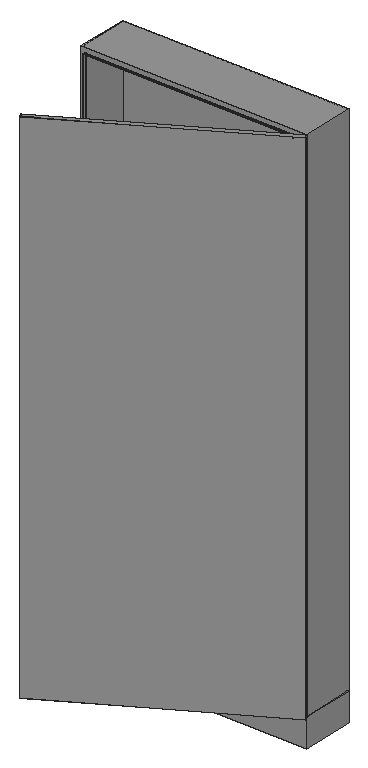
Revit family "Hager-Univers-IP44-D205-H1950-Cl.II-Encl-NoHosted-CH-it", category Electrical Equipment, Revit 2020
Family settings
  Panel Configuration = Two Columns, Circuits Across
  Round Connector Dimension = Use Diameter
  Part Type = Panelboard
  Work Plane-Based = Yes
  Always vertical = Yes
  Cut with Voids When Loaded = No
  Shared = No
  Room Calculation Point = No
Parameters (values of type "montaggio a pavimento IP44 L800 A1950 P205  - FP23SN2")
  Width Control [instance] = if([EF000008 - Larghezza] > Min Width, [EF000008 - Larghezza], Min Width)  # 800 mm
  Type Comments = [HG000003 - Gamma]  # "Univers"
  Thickness Door [instance] = if([EF009171 - spessore materiale porta/coperchio] > 3 mm, 3 mm, [EF009171 - spessore materiale porta/coperchio])  # 1 mm
  Seal Frame Offset [instance] = 17 mm  # constant formula
  Plinth Visibility [instance] = [HG000027 - Altezza dello zoccolo] > 0 mm  # yes
  Min Width [instance] = 100 mm  # constant formula
  Min Depth [instance] = (2 * [EF009170 - spessore materiale scatola]) + 1 mm  # 3 mm
  Min Height [instance] = 100 mm  # constant formula
  Internal Frame Depth [instance] = (Door System Depth * 0.5)  # 9 mm
  Panel Name [instance] = ""  # (empty or 0)
  Model = ""
  HG000027 - Altezza dello zoccolo = 100 mm
  HG000026 - A pavimento = yes
  HG000024 - Altezza della sezione inferiore = 600 mm
  HG000023 - Custodia a doppia sezione = no
  HG000016 - Visibilità delle porte nella vista 3D [instance] = yes
  HG000015 - Visibilità attraverso la porta [instance] = no
  HG000014 - Porta destra [instance] = yes
  HG000013 - Porta sinistra [instance] = not([HG000014 - Porta destra])  # no
  HG000012 - Angolo di apertura della porta [instance] = 30.00°
  HG000010 - Porte asimmetriche = no
  HG000009 - Porta doppia a battente = no
  HG000006 - Ad incasso = no
  HG000004 - Codice produttore = "FP23SN2"
  HG000003 - Gamma = "Univers"
  HG000002 - Con porta = yes
  Frame Offset Bottom [instance] = 10 mm  # constant formula
  Frame Offset [instance] = 15 mm  # constant formula
  EF015940 - Coprire con rilascio di sovrapressione = no
  EF011959 - tipo di protezione (NEMA) = ""
  EF009554 - numero delle aperture per la piastra della flangia = 6
  EF009212 - esecuzione coperchio = "EV000116 - chiuso"
  EF009171 - spessore materiale porta/coperchio = 1 mm
  EF009170 - spessore materiale scatola = 1 mm
  EF008873 - corrente nominale (In) = 400 A
  EF007800 - adatto per parafulmine = no
  EF006306 - con serratura = no
  EF006244 - coperchio/porta trasparente = no
  EF005474 - grado di protezione (IP) = "EV006418 - IP44"
  EF004464 - tipo di porta = "EV002646 - singolo"
  EF004427 - numero di moduli = 432
  EF004293 - resistenza agli urti = "EV006815 - IK09"
  EF003532 - adatto per uso esterno = no
  EF002950 - Numero moduli DIN = 36
  EF001613 - Integrità del circuito = "EV000494 - senza"
  EF001596 - Attacco Lampada = "EV000179 - acciaio"
  EF001131 - profondità interna = 143 mm
  EF001088 - possibilità di applicazione = yes
  EF000437 - numero di ingressi per conduttori = 6
  EF000339 - tipo di copertura = "EV001012 - coperchio"
  EF000266 - numero di file = 12
  EF000218 - profondità di incasso = 0 mm
  EF000118 - con piastra di montaggio = no
  EF000116 - numero RAL = "9010"
  EF000049 - profondità = 205 mm
  EF000040 - Altezza = 1950 mm
  EF000008 - Larghezza = 800 mm
  EF000007 - colore = "EV000202 - bianco"
  EF000003 - Tipo di montaggio = "EV012274 - montaggio a pavimento"
  Door System Leaf Tolerance [instance] = 1.5 mm  # constant formula
  Door System Depth [instance] = 18 mm  # constant formula
  Door Height [instance] = Height Control - [HG000027 - Altezza dello zoccolo]  # 1850 mm
  Description = ""
  Default Elevation = 1219.2 mm
  Connector Offset [instance] = Height Control / 2  # 975 mm
  Manufacturer = "Hager"  # constant formula
  Height Control [instance] = if([EF000040 - Altezza] > Min Height, [EF000040 - Altezza], Min Height)  # 1950 mm
  Depth Control [instance] = if([EF000049 - profondità] > Min Depth, [EF000049 - profondità], Min Depth)  # 205 mm
  Bottom Top Plate Trim [instance] = 1.5 mm  # constant formula
  Plinth height Ctrl [instance] = if([HG000027 - Altezza dello zoccolo] > 0 mm, [HG000027 - Altezza dello zoccolo], 12 mm)  # 100 mm
Types (5, lengths in mm): name | Width Control | HG000010 - Porte asimmetriche | HG000009 - Porta doppia a battente | HG000004 - Codice produttore | EF009554 - numero delle aperture per la piastra della flangia | EF008873 - corrente nominale (In) | EF004464 - tipo di porta | EF004427 - numero di moduli | EF002950 - Numero moduli DIN | EF000437 - numero di ingressi per conduttori | EF000008 - Larghezza
  montaggio a pavimento IP44 L1050 A1950 P205  - FP24SN2 | 1050 | no | yes | "FP24SN2" | 8 | 400 A | "EV003602 - doppio" | 576 | 48 | 8 | 1050
  montaggio a pavimento IP44 L1300 A1950 P205  - FP25SN2 | 1300 | yes | yes | "FP25SN2" | 10 | 400 A | "EV003602 - doppio" | 720 | 60 | 10 | 1300
  montaggio a pavimento IP44 L300 A1950 P205  - FP21SN2 | 300 | no | no | "FP21SN2" | 2 | 250 A | "EV002646 - singolo" | 144 | 12 | 2 | 300
  montaggio a pavimento IP44 L550 A1950 P205  - FP22SN2 | 550 | no | no | "FP22SN2" | 4 | 400 A | "EV002646 - singolo" | 288 | 24 | 4 | 550
  montaggio a pavimento IP44 L800 A1950 P205  - FP23SN2 | 800 | no | no | "FP23SN2" | 6 | 400 A | "EV002646 - singolo" | 432 | 36 | 6 | 800
Reference planes
  plane 1 "Center (Front/Back)": y = 0
  plane 2: z = 0
  plane 3 "Center (Left/Right)": x = 0
  plane 4: y = 0
  plane 5: y = 0
  plane 6: z = 0
  plane 7: x = -400
  plane 8: x = 400
  plane 9: x = 399
  plane 10: x = -399
  plane 11: z = 100
  plane 12: z = 101
  plane 13: y = -205
  plane 14: y = -1
  plane 15: x = 0
  plane 16: y = -187
  plane 17: y = -204
  plane 18: y = -186
  plane 19: x = -384
  plane 20: x = 384
  plane 21: z = 111
  plane 22: x = -383
  plane 23: x = 383
  plane 24: z = 100
  plane 25: z = 1950
  plane 26: z = 1950
  plane 27: z = 1934
  plane 28: z = 1949
Forms (mm)
  Extrusion 1, solid, material "Hager_Steel_RAL7035_Light_Grey", detail levels medium+fine
    sketch origin (-208.679, -4572, 100) x (-1, 0, 0) y (0, -1, 0)
      loop
        line (191.321, -4385) -> (-608.679, -4385) -> (-608.679, -4572) -> (191.321, -4572) -> (191.321, -4385)
    from 0 to 1850
  Extrusion 2, void
    sketch origin (-350.771, -205, 1219.2) x (1, 0, 0) y (0, 0, 1)
      loop
        line (-48.229, 729.8) -> (-48.229, -1118.2) -> (749.771, -1118.2) -> (749.771, 729.8) -> (-48.229, 729.8)
    from -19 to -204
  Extrusion 3, void
    sketch origin (-290.084, -187, 1219.2) x (1, 0, 0) y (0, 0, 1)
      loop
        line (-93.916, -1108.2) -> (674.084, -1108.2) -> (674.084, 714.8) -> (-93.916, 714.8) -> (-93.916, -1108.2)
    from 0 to -1
  Extrusion 4, solid, material "Hager_Steel_RAL7035_Light_Grey", visible <- "Plinth Visibility", detail levels medium+fine
    sketch origin (0, 0, 0) x (1, 0, 0) y (0, 1, 0)
      loop
        line (-400, 0) -> (-400, -187) -> (400, -187) -> (400, 0) -> (-400, 0)
    from 0 to 100 <- "Plinth height Ctrl"
  Extrusion 5, solid, material "Hager_Steel_RAL7035_Light_Grey", detail levels coarse
    sketch origin (0, 0, 0) x (1, 0, 0) y (0, 1, 0)
      loop
        line (-400, 0) -> (-400, -205) -> (400, -205) -> (400, 0) -> (-400, 0)
    from 0 to 1950 <- "Height Control"
  Sweep 6, void
    path in 3D
      loop
        line (-400, -187, 100) -> (400, -187, 100) -> (400, 0, 100) -> (-400, 0, 100) -> (-400, -187, 100)
    profile origin (-400, -93.5, 100) x (1, 0, 0) y (0, 0, 1)
      loop
        line (0, 0) -> (0, -1.5) -> (1.5, -1.5)
        arc (1.5, -1.5) -> (1.061, -0.439) -> (0, 0) r 1.5
  Extrusion 7, solid, material "Hager_Steel_RAL7035_Light_Grey", detail levels fine
    sketch origin (-400, -187, 100) x (1, 0, 0) y (0, 0, 1)
      loop
        line (16, 11) -> (784, 11) -> (784, 1834) -> (16, 1834) -> (16, 11)
      loop
        line (15, 10) -> (785, 10) -> (785, 1835) -> (15, 1835) -> (15, 10)
    from 0 to 9 <- "Internal Frame Depth"
Cuts and joins
  Extrusion 2, Extrusion 3 cuts Extrusion 1
  Sweep 6 cuts Extrusion 4
Lines and regions (mm)
  Masking region 1
    outline origin (0, 0, 0) x (1, 0, 0) y (0, 1, 0)
      loop
        line (-400, 0) -> (-400, -205) -> (400, -205) -> (400, 0) -> (-400, 0)
  Masking region 2, detail levels coarse
    outline origin (-290.084, -187, 1219.2) x (-1, 0, 0) y (0, 0, 1)
      loop
        line (-690.084, -1219.2) -> (109.916, -1219.2) -> (109.916, 730.8) -> (-690.084, 730.8) -> (-690.084, -1219.2)
  Masking region 3, detail levels coarse
    outline origin (0, 0, 0) x (0, 1, 0) y (0, 0, 1)
      loop
        line (0, 0) -> (0, 1950) -> (-205, 1950) -> (-205, 0) -> (0, 0)
  Masking region 4, visible <- "Plinth Visibility", detail levels medium+fine
    outline origin (0, 0, 0) x (0, 1, 0) y (0, 0, 1)
      loop
        line (-1.5, 100) -> (-185.5, 100)
        arc (-185.5, 100) -> (-185.939, 98.939) -> (-187, 98.5) r 1.5
        line (-187, 98.5) -> (-187, 0) -> (0, 0) -> (0, 98.5)
        arc (0, 98.5) -> (-1.061, 98.939) -> (-1.5, 100) r 1.5
  Masking region 5, detail levels medium+fine
    outline origin (0, 0, 594.038) x (0, 1, 0) y (0, 0, 1)
      loop
        line (0, -494.038) -> (0, 1355.962) -> (-187, 1355.962) -> (-187, -494.038) -> (0, -494.038)
  Masking region 6, detail levels medium+fine
    outline origin (-359.7, -187, 1211.883) x (-1, 0, 0) y (0, 0, 1)
      loop
        line (-759.7, -1111.883) -> (40.3, -1111.883) -> (40.3, 738.117) -> (-759.7, 738.117) -> (-759.7, -1111.883)
  Masking region 7, visible <- "Plinth Visibility", detail levels medium+fine
    outline origin (-320.334, -187, 1041.368) x (-1, 0, 0) y (0, 0, 1)
      loop
        line (-720.334, -1041.368) -> (79.666, -1041.368) -> (79.666, -942.868)
        arc (79.666, -942.868) -> (78.606, -942.429) -> (78.166, -941.368) r 1.5
        line (78.166, -941.368) -> (-718.834, -941.368)
        arc (-718.834, -941.368) -> (-719.273, -942.429) -> (-720.334, -942.868) r 1.5
        line (-720.334, -942.868) -> (-720.334, -1041.368)
  sketch lines
    curve 1: line (-400, 0, 100) -> (-400, -187, 100)
    curve 2: line (-400, -187, 100) -> (400, -187, 100)
    curve 3: line (400, 0, 100) -> (-400, 0, 100)
    curve 4: line (400, -187, 100) -> (400, 0, 100)
Dimensions and locks
  locked: plane 1 "Center (Front/Back)" to plane 5
  "EF009170 - spessore materiale scatola": plane 7 to plane 10
  "EF009170 - spessore materiale scatola": plane 8 to plane 9
  equal spacing: plane 7, plane 3 "Center (Left/Right)", plane 8
  "Width Control": plane 7 to plane 8
  "Depth Control": plane 4 to plane 13
  "EF009170 - spessore materiale scatola": plane 4 to plane 14
  "Height Control": plane 25 to level
  "HG000027 - Altezza dello zoccolo": plane 11 to level
  "EF009170 - spessore materiale scatola": plane 12 to plane 11
  "EF009170 - spessore materiale scatola": plane 17 to plane 13
  "EF009170 - spessore materiale scatola": plane 18 to plane 16
  "Frame Offset Bottom": plane 21 to plane 12
  "Frame Offset": plane 10 to plane 19
  "Frame Offset": plane 9 to plane 20
  "Door System Depth": plane 16 to plane 13
  "Seal Frame Offset": plane 7 to plane 22
  "Seal Frame Offset": plane 8 to plane 23
  "EF009170 - spessore materiale scatola": plane 26 to plane 28
  "Frame Offset": plane 28 to plane 27
  "Connector Offset": plane 2 to connector elem
  "Bottom Top Plate Trim": profile plane to Sweep 6 sketch curve
  "Bottom Top Plate Trim": Sweep 6 sketch curve to Sweep 6 sketch curve
  "Plinth height Ctrl": Masking region 4 sketch curve to level
  "Plinth height Ctrl": Masking region 7 sketch curve to level
  "Thickness Door": Extrusion 7 sketch curve to Extrusion 7 sketch curve  (x4)
  "Bottom Top Plate Trim": radius of Sweep 6 sketch curve
  "Bottom Top Plate Trim": radius of Masking region 4 sketch curve  (x2)
  "Bottom Top Plate Trim": radius of Masking region 7 sketch curve  (x2)
  aligned and locked: Extrusion 2 sketch curve to plane 12
  aligned and locked: Extrusion 2 sketch curve to plane 9
  aligned and locked: Extrusion 2 sketch curve to plane 10
  aligned and locked: Extrusion 2 to plane 14
  aligned and locked: Extrusion 1 sketch curve to plane 4
  aligned and locked: plane 8 to Extrusion 1 sketch curve
  aligned and locked: plane 7 to Extrusion 1 sketch curve
  aligned and locked: Extrusion 2 to plane 18
  aligned and locked: Extrusion 3 sketch curve to plane 19
  aligned and locked: plane 20 to Extrusion 3 sketch curve
  aligned and locked: Extrusion 3 to Extrusion 2
  aligned and locked: Extrusion 3 sketch curve to plane 21
  aligned and locked: plane 3 "Center (Left/Right)" to nested 1
  aligned and locked: Extrusion 1 sketch curve to plane 16
  aligned and locked: Extrusion 4 sketch curve to cut or joined group of Extrusion 1, Extrusion 2, Extrusion 3
  aligned and locked: Masking region 1 sketch curve to plane 7
  aligned and locked: Masking region 1 sketch curve to plane 5
  aligned and locked: Masking region 1 sketch curve to plane 8
  aligned and locked: Masking region 2 sketch curve to level
  aligned and locked: level to Masking region 3 sketch curve
  aligned and locked: plane 1 "Center (Front/Back)" to Masking region 3 sketch curve
  aligned and locked: plane 13 to Masking region 3 sketch curve
  aligned and locked: plane 5 to Masking region 4 sketch curve
  aligned and locked: Masking region 2 sketch curve to plane 8
  aligned and locked: Masking region 2 sketch curve to plane 7
  aligned and locked: plane 7 to nested 2
  aligned and locked: nested 2 to plane 5
  aligned and locked: plane 5 to Masking region 5 sketch curve
  aligned and locked: plane 26 to Masking region 5 sketch curve
  aligned and locked: Extrusion 5 sketch curve to plane 8
  aligned and locked: Extrusion 5 sketch curve to plane 7
  aligned and locked: Extrusion 5 sketch curve to plane 5
  aligned and locked: Extrusion 3 sketch curve to plane 27
  aligned and locked: Extrusion 2 sketch curve to plane 28
  aligned and locked: Masking region 2 to plane 25
  aligned and locked: Extrusion 4 to plane 16
  aligned and locked: profile plane to Sweep 6 sketch curve
  aligned and locked: Masking region 5 sketch curve to plane 24
  aligned and locked: level to Masking region 4 sketch curve
  aligned and locked: Masking region 1 to plane 13
  aligned and locked: nested 1 to plane 16
  aligned and locked: Masking region 3 to plane 25
  aligned and locked: plane 16 to Masking region 4 sketch curve
  aligned and locked: Masking region 5 sketch curve to plane 16
  aligned and locked: plane 24 to plane 11
  aligned and locked: plane 26 to plane 25
  aligned and locked: plane 26 to cut or joined group of Extrusion 1, Extrusion 2, Extrusion 3
  aligned and locked: nested 1 to plane 24
  aligned and locked: Extrusion 1 to Extrusion 3
  aligned and locked: Masking region 6 sketch curve to plane 8
  aligned and locked: Masking region 6 sketch curve to plane 24
  aligned and locked: Masking region 6 sketch curve to plane 7
  aligned and locked: Masking region 6 sketch curve to plane 26
  aligned and locked: Masking region 7 sketch curve to plane 7
  aligned and locked: level to Masking region 7 sketch curve
  aligned and locked: Masking region 7 sketch curve to plane 8
  aligned and locked: Extrusion 7 sketch curve to cut or joined group of Extrusion 1, Extrusion 2, Extrusion 3  (x4)
Automatic sketch dimensions
  plane 19 to Extrusion 3 sketch curve = 0 mm
  Extrusion 3 sketch curve to plane 20 = 0 mm
  Extrusion 3 sketch curve to plane 21 = 0 mm
  Extrusion 4 sketch curve to plane 7 = 0 mm
  Extrusion 4 sketch curve to plane 8 = 0 mm
  Extrusion 4 sketch curve to plane 16 = 0 mm
  Masking region 1 sketch curve to plane 13 = 0 mm
  Masking region 2 sketch curve to plane 25 = 0 mm
  Masking region 3 sketch curve to plane 25 = 0 mm
  Extrusion 5 sketch curve to plane 13 = 0 mm
  profile plane to Sweep 6 sketch curve = 0 mm
Nested families
  nested 1: "EC000058_Univers_Door" at (0, -187, 100), Double <- "HG000009 - Porta doppia a battente", Transparent <- "EF006244 - coperchio/porta trasparente", Angle <- "HG000012 - Angolo di apertura della porta", Door_Right <- "HG000014 - Porta destra", Assymetrical <- "HG000010 - Porte asimmetriche", Door <- "HG000002 - Con porta", Width_Ctrl <- "Width Control", 3d_Door <- "HG000016 - Visibilità delle porte nella vista 3D", Clearance <- "HG000015 - Visibilità attraverso la porta", Door_Left <- "HG000013 - Porta sinistra", Width <- "Width Control", Door_Depth <- "Door System Depth", Leaf_Tolerance <- "Door System Leaf Tolerance", Height <- "Door Height", Lock_Visibility <- "EF006306 - con serratura", Thickness <- "Thickness Door", type "EC000058_Univers_Door", detail levels medium+fine
    with min_wh 3 mm, Width_Ctrl 800 mm, Width 800 mm, Transparent no, Thickness 1 mm, Seal_Material Hager_Rubber, Lock_Visibility no, Lock_Material Hager_Plastic_RAL9005_Jet_Black, Leaf_Width 800 mm, Leaf_Tolerance_External_Sides 0 mm, Leaf_Tolerance 1.5 mm, Leaf_Offset 0 mm, Leaf_Height 1847 mm, Leaf_2_Width 800 mm, Leaf_2_Offset 400 mm, Leaf_1_Width 800 mm, Leaf_1_Offset 400 mm, Height_Ctrl 1850 mm, Height 1850 mm, Glass_Material Hager_Glass, Double_Clearance_Ctrl no, Double no, Door_Right_Ctrl yes, Door_Right yes, Door_Material Hager_Steel_RAL7035_Light_Grey, Door_Left_Ctrl no, Door_Left no, Door_Depth 18 mm, Door yes, Clearance_Material Hager_Clearance, Clearance_Depth 800 mm, Clearance_Ctrl no, Clearance no, Assymetrical no, Angle 30.00°, 3d_Door yes
  nested 2: "Hager_Enclosure_Symbol" at (-400, 0, 0), Height <- "Depth Control", Width <- "Width Control", type "Hager_Enclosure_Symbol"
    with Width_Ctrl 800 mm, Width 800 mm, Height_Ctrl 205 mm, Height 205 mm, A_Width_Int 13.453 mm, A_Width 161.438 mm, A_Height_Ctrl 179.375 mm, A_Height 179.375 mm
Connectors
  electrical at (0, 0, 975)
    settings: on plane 1 "Center (Front/Back)", index 1, voltage 0 V, apparent load 0 VA, apparent load phase1 0 VA, apparent load phase2 0 VA, apparent load phase3 0 VA, power factor 1, load classification "Other", number of poles 1, system type 30, power factor state 1, is connector primary yes, connector utility no, sub classification motor no, connector description ""
Definition of nested family "EC000058_Univers_Door"
  Parameters (values of type "EC000058_Univers_Door")
    min_wh [instance] = (2 * Thickness) + 1 mm  # 11 mm
    Width_Ctrl [instance] = 400 mm
    Width [instance] = 500 mm
    Transparent [instance] = yes
    Thickness [instance] = 5 mm
    Seal_Material [instance] = none
    Lock_Visibility [instance] = yes
    Lock_Material [instance] = none
    Leaf_Width [instance] = if((Width_Ctrl - 2 * Leaf_Tolerance_External_Sides) > 0 mm, (Width_Ctrl - 2 * Leaf_Tolerance_External_Sides), min_wh)  # 400 mm
    Leaf_Tolerance_External_Sides [instance] = 0 mm  # constant formula
    Leaf_Tolerance [instance] = 1.5 mm
    Leaf_Offset [instance] = 0 mm  # constant formula
    Leaf_Height [instance] = if((Height_Ctrl - 2 * Leaf_Tolerance) > 0 mm, (Height_Ctrl - 2 * Leaf_Tolerance), min_wh)  # 497 mm
    Leaf_2_Width [instance] = if(and(and(Double, Assymetrical), Door_Left), (Leaf_Width / 3) - (Leaf_Tolerance / 2), if(and(and(Double, Assymetrical), Door_Right), (Leaf_Width / 3) * 2 - (Leaf_Tolerance / 2), if(and(Double, not(Assymetrical)), (Leaf_Width / 2) - Leaf_Tolerance, Leaf_Width)))  # 400 mm
    Leaf_2_Offset [instance] = if(and(Double, Assymetrical), Leaf_2_Width / 2, if(and(Double, not(Assymetrical)), Leaf_Width / 4, Leaf_Width / 2))  # 200 mm
    Leaf_1_Width [instance] = if(and(and(Double, Assymetrical), Door_Right), (Leaf_Width / 3) - (Leaf_Tolerance / 2), if(and(and(Double, Assymetrical), Door_Left), (Width / 3) * 2 - (Leaf_Tolerance / 2), if(and(Double, not(Assymetrical)), (Leaf_Width / 2) - Leaf_Tolerance, Leaf_Width)))  # 400 mm
    Leaf_1_Offset [instance] = if(and(Double, Assymetrical), Leaf_1_Width / 2, if(and(Double, not(Assymetrical)), Leaf_Width / 4, Leaf_Width / 2))  # 200 mm
    Height_Ctrl [instance] = if(Height > min_wh, Height, min_wh)  # 500 mm
    Height [instance] = 500 mm
    Glass_Material [instance] = none
    Double_Clearance_Ctrl [instance] = and(Double, Clearance)  # no
    Double [instance] = no
    Door_Right_Ctrl [instance] = and(or(Door_Right, Double), Door)  # yes
    Door_Right [instance] = yes
    Door_Material [instance] = none
    Door_Left_Ctrl [instance] = and(or(Door_Left, Double), Door)  # no
    Door_Left [instance] = no
    Door_Depth [instance] = 30 mm
    Door [instance] = yes
    Default Elevation = 1219.2 mm
    Clearance_Material [instance] = none
    Clearance_Depth [instance] = if(Leaf_1_Width > Leaf_2_Width, Leaf_1_Width, Leaf_2_Width)  # 400 mm
    Clearance_Ctrl [instance] = and(not(Double), Clearance)  # yes
    Clearance [instance] = yes
    Assymetrical [instance] = yes
    Angle [instance] = 30.00°
    3d_Door [instance] = yes
  Reference planes
    plane 1 "Center (Front/Back)": y = 0
    plane 2 "Bottom": z = 0
    plane 3 "Center (Left/Right)": x = 0
    plane 4: z = 500
    plane 5: x = -200
    plane 6: x = 200
    plane 7: z = 500
    plane 8: x = -200
    plane 9: z = 0
    plane 10: x = 200
    plane 11: y = 0
    plane 12: z = 1.5
    plane 13: x = -600
    plane 14: y = -400
    plane 15: x = 600
    plane 16: x = 0
    plane 17: x = 0
    plane 18: x = -200
    plane 19: x = 200
    plane 20: z = 498.5
  Forms (mm)
    Extrusion 1, solid, material <- "Clearance_Material", visible <- "Double_Clearance_Ctrl"
      sketch origin (1200, 0, 0) x (1, 0, 0) y (0, 0, -1)
        loop
          line (-1800, -498.5) -> (-600, -498.5) -> (-600, 0) -> (-1800, 0) -> (-1800, -498.5)
      from 0 to -400
  Dimensions and locks
    equal spacing: plane 5, plane 3 "Center (Left/Right)", plane 6
    "Width_Ctrl": plane 5 to plane 6
    "Leaf_Offset": plane 5 to plane 8
    "Leaf_Offset": plane 6 to plane 10
    "Leaf_Offset": plane 9 to level
    "Leaf_Offset": plane 4 to plane 7
    "Height_Ctrl": plane 4 to level
    "Leaf_Tolerance": plane 12 to plane 9
    locked: plane 11 to plane 1 "Center (Front/Back)"
    "Leaf_1_Offset": plane 18 to plane 16
    "Leaf_2_Offset": plane 17 to plane 19
    "Leaf_1_Width": plane 13 to plane 8
    "Leaf_2_Width": plane 10 to plane 15
    "Clearance_Depth": plane 14 to plane 1 "Center (Front/Back)"
    "Leaf_Tolerance_External_Sides": plane 8 to plane 18
    "Leaf_Tolerance_External_Sides": plane 19 to plane 10
    "Leaf_Tolerance": plane 7 to plane 20
    aligned and locked: level to plane 2 "Bottom"
    aligned and locked: nested 1 to plane 16
    aligned and locked: nested 2 to plane 17
    aligned and locked: Extrusion 1 to plane 13
    aligned and locked: plane 15 to Extrusion 1
    aligned and locked: Extrusion 1 to plane 14
    aligned and locked: plane 12 to nested 1
    aligned and locked: nested 2 to plane 12
    aligned and locked: Extrusion 1 to plane 11
    aligned and locked: plane 20 to Extrusion 1
    aligned and locked: nested 2 to plane 11
    aligned and locked: nested 1 to plane 11
  Automatic sketch dimensions
    Extrusion 1 sketch curve to level = 0 mm
    plane 5 to Extrusion 1 sketch curve = 400 mm
    plane 6 to Extrusion 1 sketch curve = 400 mm
    Extrusion 1 sketch curve to plane 4 = 1.5 mm
  Nested families
    nested 1: "EC000058_Univers_Door_Leaf" at (0, 0, 1.5), Width <- "Leaf_1_Width", visible <- "Door_Left_Ctrl", Leaf_Height <- "Leaf_Height", Angle <- "Angle", 3d_Door <- "3d_Door", Transparent <- "Transparent", Clearance Material <- "Clearance_Material", Clearance <- "Clearance_Ctrl", Door_Material <- "Door_Material", Glass_Material <- "Glass_Material", Door_Depth <- "Door_Depth", Lock_Material <- "Lock_Material", Seal_Material <- "Seal_Material", Lock_Visibility <- "Lock_Visibility", Thickness <- "Thickness", type "EC000058_Univers_Door_Leaf"
      with Width 400 mm, Transparent_Glass_Offset 30 mm, Transparent_Ctrl yes, Transparent yes, Thickness 5 mm, Standard no, Seal_Material none, Seal_D2 8 mm, Seal_D1 1 mm, Offset_Internal_Frame 10 mm, Lock_Width 20 mm, Lock_Visibility_3d yes, Lock_Visibility yes, Lock_Thickness_3 3 mm, Lock_Thickness_2 1 mm, Lock_Thickness_1 3 mm, Lock_Radius_Offset_2 16 mm, Lock_Radius_Offset_1 15 mm, Lock_Radius_2 5 mm, Lock_Radius 6 mm, Lock_Offset 5 mm, Lock_Material none, Lock_Height 80 mm, Lock_Cover_Top_Offset_2d 17 mm, Lock_Cover_Height -65 mm, Leaf_Height 497 mm, Internal_Seal_Thickness 8 mm, Internal_Seal_Depth_2 4.5 mm, Internal_Frame_Depth 25 mm, Glass_Thickness -1 mm, Glass_Offset -2 mm, Glass_Material none, Door_Material none, Door_Depth 30 mm, Clearance Material none, Clearance yes, Angle_Ctrl 30.00°, Angle 30.00°, 3d_Door yes
    nested 2: "EC000058_Univers_Door_Leaf" at (0, 0, 1.5) x (-1, 0, 0) z (0, 0, 1), Width <- "Leaf_2_Width", visible <- "Door_Right_Ctrl", Leaf_Height <- "Leaf_Height", Angle <- "Angle", 3d_Door <- "3d_Door", Transparent <- "Transparent", Clearance Material <- "Clearance_Material", Clearance <- "Clearance_Ctrl", Door_Material <- "Door_Material", Glass_Material <- "Glass_Material", Door_Depth <- "Door_Depth", Lock_Material <- "Lock_Material", Seal_Material <- "Seal_Material", Lock_Visibility <- "Lock_Visibility", Thickness <- "Thickness", type "EC000058_Univers_Door_Leaf"
      with Width 400 mm, Transparent_Glass_Offset 30 mm, Transparent_Ctrl yes, Transparent yes, Thickness 5 mm, Standard no, Seal_Material none, Seal_D2 8 mm, Seal_D1 1 mm, Offset_Internal_Frame 10 mm, Lock_Width 20 mm, Lock_Visibility_3d yes, Lock_Visibility yes, Lock_Thickness_3 3 mm, Lock_Thickness_2 1 mm, Lock_Thickness_1 3 mm, Lock_Radius_Offset_2 16 mm, Lock_Radius_Offset_1 15 mm, Lock_Radius_2 5 mm, Lock_Radius 6 mm, Lock_Offset 5 mm, Lock_Material none, Lock_Height 80 mm, Lock_Cover_Top_Offset_2d 17 mm, Lock_Cover_Height -65 mm, Leaf_Height 497 mm, Internal_Seal_Thickness 8 mm, Internal_Seal_Depth_2 4.5 mm, Internal_Frame_Depth 25 mm, Glass_Thickness -1 mm, Glass_Offset -2 mm, Glass_Material none, Door_Material none, Door_Depth 30 mm, Clearance Material none, Clearance yes, Angle_Ctrl 30.00°, Angle 30.00°, 3d_Door yes
  Definition of nested family "EC000058_Univers_Door_Leaf"
    Parameters (values of type "EC000058_Univers_Door_Leaf")
      Width [instance] = 2000 mm
      Transparent_Glass_Offset [instance] = 30 mm
      Transparent_Ctrl [instance] = and(Transparent, [3d_Door])  # yes
      Transparent [instance] = yes
      Thickness [instance] = 5 mm
      Standard [instance] = and(not(Transparent), [3d_Door])  # no
      Seal_Material [instance] = none
      Seal_D2 [instance] = 8 mm  # constant formula
      Seal_D1 [instance] = 1 mm  # constant formula
      Offset_Internal_Frame [instance] = 10 mm  # constant formula
      Lock_Width [instance] = 20 mm  # constant formula
      Lock_Visibility_3d [instance] = and(Lock_Visibility, [3d_Door])  # yes
      Lock_Visibility [instance] = yes
      Lock_Thickness_3 [instance] = 3 mm  # constant formula
      Lock_Thickness_2 [instance] = 1 mm  # constant formula
      Lock_Thickness_1 [instance] = 3 mm  # constant formula
      Lock_Radius_Offset_2 [instance] = Lock_Radius_Offset_1 + 1 mm  # 16 mm
      Lock_Radius_Offset_1 [instance] = 15 mm  # constant formula
      Lock_Radius_2 [instance] = Lock_Radius - 1 mm  # 5 mm
      Lock_Radius [instance] = 6 mm  # constant formula
      Lock_Offset [instance] = 5 mm  # constant formula
      Lock_Material [instance] = none
      Lock_Height [instance] = 80 mm  # constant formula
      Lock_Cover_Top_Offset_2d [instance] = Lock_Radius_Offset_2 + 1 mm  # 17 mm
      Lock_Cover_Height [instance] = -(Lock_Height - Lock_Radius_Offset_1)  # -65 mm
      Leaf_Height [instance] = 2720.336 mm
      Internal_Seal_Thickness [instance] = 8 mm  # constant formula
      Internal_Seal_Depth_2 [instance] = 4.5 mm  # constant formula
      Internal_Frame_Depth [instance] = if(Door_Depth - Thickness > 5 mm, Door_Depth - Thickness, 5 mm)  # 25 mm
      Glass_Thickness [instance] = if(Thickness > 15 mm, Glass_Offset + 10 mm, -1 mm)  # -1 mm
      Glass_Offset [instance] = if(Thickness > 15 mm, -(Thickness + 10 mm) / 2, -2 mm)  # -2 mm
      Glass_Material [instance] = none
      Door_Material [instance] = none
      Door_Depth [instance] = 30 mm
      Default Elevation = 0 mm
      Clearance Material [instance] = none
      Clearance [instance] = yes
      Angle_Ctrl [instance] = if(Angle > 180.00°, 180.00°, Angle)  # 90.00°
      Angle [instance] = 90.00°
      3d_Door [instance] = yes
    Reference planes
      plane 1 "Center (Front/Back)": y = 0
      plane 2: z = 0
      plane 3 "Center (Left/Right)": x = 0
      plane 4: y = 2000
      plane 5: x = -1000
      plane 6: x = 1000
      plane 7: x = -3000
      plane 8: z = 2720.336
      plane 9: z = 30
      plane 10: z = 2690.336
      plane 11: x = 970
      plane 12: x = -970
      plane 13: y = -3
      plane 14: z = 107.833
      plane 15: y = -5
      plane 16: y = -223.314
      plane 17: x = -1000
      plane 18: z = 1360.168
      plane 19: y = 30
    Forms (mm)
      Extrusion 1, solid, material <- "Clearance Material", visible <- "Clearance"
        sketch origin (0, 0, 0) x (1, 0, 0) y (0, 0, 1)
          loop
            line (-3000, 2720.336) -> (-3000, 0) -> (1000, 0) -> (1000, 2720.336) -> (-3000, 2720.336)
        from 0 to -2000
      Extrusion 2, solid, material <- "Door_Material", visible <- "Standard", detail levels medium+fine
        sketch origin (-1000, 0, 0) x (0, 1, 0) y (-1, 0, 0)
          loop
            line (0, 30) -> (0, 25) -> (2000, 25) -> (2000, 30) -> (0, 30)
        from 0 to 2720.336 <- "Leaf_Height"
      Extrusion 3, solid, material <- "Door_Material", visible <- "Transparent_Ctrl", detail levels medium+fine
        sketch origin (-1000, 0, 0) x (0, 1, 0) y (-1, 0, 0)
          loop
            line (0, 25) -> (2000, 25) -> (2000, 30) -> (0, 30) -> (0, 25)
        from 0 to 2720.336 <- "Leaf_Height"
      Extrusion 4, void
        sketch origin (-1025, 2000, 0) x (0, 1, 0) y (0, 0, -1)
          loop
            line (-30, -2690.336) -> (-30, -30) -> (-1970, -30) -> (-1970, -2690.336) -> (-30, -2690.336)
        from 0 to 5 <- "Thickness"
      Sweep 5, solid, material <- "Seal_Material", visible <- "Transparent_Ctrl", detail levels fine
        path in 3D
          loop
            line (-1025, 30, 30) -> (-1025, 30, 2690.336) -> (-1025, 1970, 2690.336) -> (-1025, 1970, 30) -> (-1025, 30, 30)
        profile origin (-1025, 1000, 30) x (1, 0, 0) y (0, 0, 1)
          loop
            line (0, 0) -> (0, -8) -> (1, -8) -> (1, 0) -> (0, 0)
      Extrusion 6, solid, material <- "Glass_Material", visible <- "Transparent_Ctrl", detail levels medium+fine
        sketch origin (-1030, 0, 0) x (0, 1, 0) y (0, 0, -1)
          loop
            line (1970, -2690.336) -> (1970, -30) -> (30, -30) -> (30, -2690.336) -> (1970, -2690.336)
        from -2 <- "Glass_Offset" to -1 <- "Glass_Thickness"
      Extrusion 7, solid, material <- "Door_Material", visible <- "3d_Door", detail levels medium+fine
        sketch origin (-1025, 2000, 0) x (0, -1, 0) y (0, 0, -1)
          loop
            line (0, -2720.336) -> (2000, -2720.336) -> (2000, 0) -> (0, 0) -> (0, -2720.336)
          loop
            line (1995, -5) -> (5, -5) -> (5, -2715.336) -> (1995, -2715.336) -> (1995, -5)
        from 0 to 25 <- "Internal_Frame_Depth"
      Sweep 8, solid, material <- "Seal_Material", visible <- "Transparent_Ctrl", detail levels fine
        path in 3D
          loop
            line (-1025, 0, 0) -> (-1025, 2000, 0) -> (-1025, 2000, 2720.336) -> (-1025, 0, 2720.336) -> (-1025, 0, 0)
        profile origin (-1025, 0, 1360.168) x (1, 0, 0) y (0, 1, 0)
          loop
            line (0, 10) -> (2.975, 10)
            arc (2.975, 10) -> (4.053, 10.447) -> (4.5, 11.525) r 1.525
            line (4.5, 11.525) -> (4.5, 16.527)
            arc (4.5, 16.527) -> (4.069, 17.569) -> (3.027, 18) r 1.473
            line (3.027, 18) -> (0, 18) -> (0, 10)
      Extrusion 9, solid, material <- "Lock_Material", visible <- "Lock_Visibility_3d", detail levels fine
        sketch origin (-1030, 0, 0) x (0, 1, 0) y (0, 0, -1)
          loop
            arc (1993.5, -1400.168) -> (1994.561, -1399.729) -> (1995, -1398.668) r 1.5
            line (1995, -1398.668) -> (1995, -1320.168) -> (1975, -1320.168) -> (1975, -1398.668)
            arc (1975, -1398.668) -> (1975.439, -1399.729) -> (1976.5, -1400.168) r 1.5
            line (1976.5, -1400.168) -> (1993.5, -1400.168)
        from 3 <- "Lock_Thickness_1" to 0
      Blend 10, solid, material <- "Lock_Material", visible <- "Lock_Visibility_3d", detail levels fine
        base sketch origin (-1033, 0, 0) x (0, 1, 0) y (0, 0, -1)
          loop
            line (1975, -1320.168) -> (1975, -1398.668)
            arc (1975, -1398.668) -> (1975.439, -1399.729) -> (1976.5, -1400.168) r 1.5
            line (1976.5, -1400.168) -> (1993.5, -1400.168)
            arc (1993.5, -1400.168) -> (1994.561, -1399.729) -> (1995, -1398.668) r 1.5
            line (1995, -1398.668) -> (1995, -1320.168) -> (1975, -1320.168)
        top sketch origin (-1033, 0, 0) x (0, 1, 0) y (0, 0, -1)
          loop
            line (1976, -1320.168) -> (1976, -1398.668)
            arc (1976, -1398.668) -> (1976.146, -1399.022) -> (1976.5, -1399.168) r 0.5
            line (1976.5, -1399.168) -> (1993.5, -1399.168)
            arc (1993.5, -1399.168) -> (1993.854, -1399.022) -> (1994, -1398.668) r 0.5
            line (1994, -1398.668) -> (1994, -1320.168) -> (1976, -1320.168)
        from 0 to 1 <- "Lock_Thickness_2"
      Blend 11, solid, material <- "Lock_Material", visible <- "Lock_Visibility_3d", detail levels fine
        base sketch origin (-1034, 0, 0) x (0, 1, 0) y (0, 0, -1)
          loop
            line (1978, -1320.168) -> (1978, -1384.168)
            arc (1978, -1384.168) -> (1985, -1391.168) -> (1992, -1384.168) r 7
            line (1992, -1384.168) -> (1992, -1320.168) -> (1978, -1320.168)
        top sketch origin (-1034, 0, 0) x (0, 1, 0) y (0, 0, -1)
          loop
            line (1991, -1320.168) -> (1979, -1320.168) -> (1979, -1383.168)
            arc (1979, -1383.168) -> (1985, -1389.168) -> (1991, -1383.168) r 6
            line (1991, -1383.168) -> (1991, -1320.168)
        from 0 to 3 <- "Lock_Thickness_3"
      Extrusion 12, solid, material <- "Lock_Material", visible <- "Lock_Visibility_3d", detail levels fine
        sketch origin (-1030, 1975, 1320.168) x (1, 0, 0) y (0, -1, 0)
          loop
            line (-7, -19) -> (-7, -1) -> (0, -1) -> (0, 0) -> (-8, 0) -> (-8, -20) -> (0, -20) -> (0, -19) -> (-7, -19)
        from 0 to -65 <- "Lock_Cover_Height"
      Extrusion 13, void
        sketch origin (-1038, 1995, 1320.168) x (-1, 0, 0) y (0, 0, -1)
          loop
            line (-5, -65) -> (0, -65) -> (-5, -60) -> (-5, -65)
        from 0 to 20 <- "Lock_Width"
      Extrusion 14, void
        sketch origin (-1038, 1975, 1320.168) x (0, -1, 0) y (0, 0, -1)
          loop
            circle (-10, -15.995) r 6
          loop
            circle (-10, -15.995) r 5
        from 0 to 2
      Extrusion 15, solid, material <- "Lock_Material", visible <- "Lock_Visibility_3d", detail levels medium
        sketch origin (-1030, 0, 0) x (0, 1, 0) y (0, 0, -1)
          loop
            arc (1993.5, -1400.168) -> (1994.561, -1399.729) -> (1995, -1398.668) r 1.5
            line (1995, -1398.668) -> (1995, -1320.168) -> (1975, -1320.168) -> (1975, -1398.668)
            arc (1975, -1398.668) -> (1975.439, -1399.729) -> (1976.5, -1400.168) r 1.5
            line (1976.5, -1400.168) -> (1993.5, -1400.168)
        from 8 to 0
    Cuts and joins
      Extrusion 4 cuts Extrusion 3
      Extrusion 13, Extrusion 14 cuts Extrusion 9
      Extrusion 14 cuts Blend 11
      Extrusion 13, Extrusion 14 cuts Extrusion 12
      joined: Extrusion 9, Blend 10, Blend 11, Extrusion 12
      Extrusion 14 cuts Extrusion 15
    Lines and regions (mm)
      Masking region 1, visible <- "Lock_Visibility", detail levels fine
        outline origin (0, 0, 0) x (0, 1, 0) y (0, 0, 1)
          loop
            line (30, 1320.168) -> (33, 1320.168) -> (33, 1400.168) -> (30, 1400.168) -> (30, 1320.168)
      Masking region 2, visible <- "Lock_Visibility", detail levels fine
        outline origin (0, 3.143, 0) x (0, 1, 0) y (0, 0, 1)
          loop
            line (29.857, 1354.168) -> (30.857, 1354.168) -> (30.857, 1366.168) -> (29.857, 1366.168) -> (29.857, 1354.168)
      Masking region 3, detail levels medium+fine
        outline origin (0, 0, 0) x (0, 1, 0) y (0, 0, 1)
          loop
            line (0, 0) -> (30, 0) -> (30, 2720.336) -> (0, 2720.336) -> (0, 0)
      Masking region 4, detail levels medium+fine
        outline origin (0, 0, 0) x (1, 0, 0) y (0, 0, 1)
          loop
            line (-1000, 2720.336) -> (-1000, 0) -> (1000, 0) -> (1000, 2720.336) -> (-1000, 2720.336)
      Masking region 5, visible <- "Lock_Visibility", detail levels fine
        outline origin (-47.116, 0, 0) x (1, 0, 0) y (0, 0, 1)
          loop
            arc (1024.616, 1399.168) -> (1023.556, 1398.729) -> (1023.116, 1397.668) r 1.5
            line (1023.116, 1397.668) -> (1023.116, 1320.168) -> (1041.116, 1320.168) -> (1041.116, 1397.668)
            arc (1041.116, 1397.668) -> (1040.677, 1398.729) -> (1039.616, 1399.168) r 1.5
            line (1039.616, 1399.168) -> (1024.616, 1399.168)
      Masking region 6, visible <- "Lock_Visibility", detail levels medium+fine
        outline origin (-25, 0, 0) x (1, 0, 0) y (0, 0, 1)
          loop
            arc (1001.5, 1400.168) -> (1000.439, 1399.729) -> (1000, 1398.668) r 1.5
            line (1000, 1398.668) -> (1000, 1320.168) -> (1020, 1320.168) -> (1020, 1398.668)
            arc (1020, 1398.668) -> (1019.561, 1399.729) -> (1018.5, 1400.168) r 1.5
            line (1018.5, 1400.168) -> (1001.5, 1400.168)
      Masking region 7, visible <- "Lock_Visibility", detail levels fine
        outline origin (-73.735, 0, 0) x (1, 0, 0) y (0, 0, 1)
          loop
            line (1051.735, 1382.168) -> (1065.735, 1382.168) -> (1065.735, 1384.168)
            arc (1065.735, 1384.168) -> (1058.735, 1391.168) -> (1051.735, 1384.168) r 7
            line (1051.735, 1384.168) -> (1051.735, 1382.168)
      Masking region 8, visible <- "Lock_Visibility", detail levels fine
        outline origin (-73.735, 0, 0) x (1, 0, 0) y (0, 0, 1)
          loop
            line (1052.735, 1382.168) -> (1064.735, 1382.168) -> (1064.735, 1383.168)
            arc (1064.735, 1383.168) -> (1058.735, 1389.168) -> (1052.735, 1383.168) r 6
            line (1052.735, 1383.168) -> (1052.735, 1382.168)
      Masking region 9, visible <- "Lock_Visibility", detail levels fine
        outline origin (-25, 0, 0) x (1, 0, 0) y (0, 0, 1)
          loop
            line (1020, 1320.168) -> (1020, 1382.168) -> (1000, 1382.168) -> (1000, 1320.168) -> (1020, 1320.168)
      Masking region 10, detail levels medium+fine
        outline origin (0, 0, 0) x (1, 0, 0) y (0, 0, 1)
          loop
            circle (985, 1335.144) r 6
      Masking region 11, detail levels fine
        outline origin (0, 0, 0) x (1, 0, 0) y (0, 0, 1)
          loop
            circle (985, 1335.144) r 5
      Masking region 12, visible <- "Lock_Visibility", detail levels fine
        outline origin (0, 12.767, 0) x (0, 1, 0) y (0, 0, 1)
          loop
            line (20.233, 1320.168) -> (21.233, 1320.168) -> (21.233, 1399.168) -> (20.233, 1400.168) -> (20.233, 1320.168)
      Masking region 13, visible <- "Lock_Visibility", detail levels fine
        outline origin (0, 13.767, -10) x (0, 1, 0) y (0, 0, 1)
          loop
            line (20.233, 1330.168) -> (23.233, 1330.168) -> (23.233, 1399.168) -> (20.233, 1402.168) -> (20.233, 1330.168)
      Masking region 14, visible <- "Lock_Visibility", detail levels fine
        outline origin (0, 12.767, -10) x (0, 1, 0) y (0, 0, 1)
          loop
            line (20.233, 1330.168) -> (25.233, 1330.168) -> (25.233, 1399.305) -> (20.233, 1394.305) -> (20.233, 1330.168)
      Masking region 15, visible <- "Lock_Visibility", detail levels medium
        outline origin (0, 0, 0) x (0, 1, 0) y (0, 0, 1)
          loop
            line (30, 1320.168) -> (38, 1320.168) -> (38, 1400.168) -> (30, 1400.168) -> (30, 1320.168)
      Masking region 16, visible <- "Lock_Visibility", detail levels fine
        outline origin (-1000, 0, 0) x (0, 1, 0) y (-1, 0, 0)
          loop
            line (1975, 30) -> (1995, 30) -> (1995, 38) -> (1975, 38) -> (1975, 30)
          loop
            line (1979, 37) -> (1976, 37) -> (1976, 34) -> (1978, 34) -> (1979, 37)
          loop
            line (1994, 37) -> (1991, 37) -> (1992, 34) -> (1994, 34) -> (1994, 37)
      Masking region 17, visible <- "Lock_Visibility", detail levels medium
        outline origin (-1000, 0, 0) x (0, 1, 0) y (-1, 0, 0)
          loop
            line (1975, 30) -> (1995, 30) -> (1995, 38) -> (1975, 38) -> (1975, 30)
      symbolic lines
        curve 1: line (1000, 0, 0) -> (-3000, 0, 0)
        curve 2: arc (1000, 0, 0) -> (-1000, 2000, 0) -> (-3000, 0, 0) r 2000
        curve 4: line (-1030, 0, 0) -> (-1030, 2000, 0)
      reference lines
        curve 3: line (-1000, 0, 0) -> (-1000, 2000, 0)
      symbolic lines, detail levels medium+fine
        curve 5: line (-1030, 2000, 0) -> (-1025, 2000, 0)
        curve 7: line (-1025, 0, 0) -> (-1030, 0, 0)
        curve 8: line (-1025, 0, 0) -> (-1000, 0, 0)
        curve 9: line (-1000, 0, 0) -> (-1000, 2000, 0)
        curve 10: line (-1000, 2000, 0) -> (-1025, 2000, 0)
      symbolic lines, detail levels fine
        curve 6: line (-1025, 2000, 0) -> (-1025, 0, 0)
      sketch lines
        curve 11: line (-1025, 0, 2720.336) -> (-1025, 0, 0)
        curve 12: line (-1025, 2000, 0) -> (-1025, 0, 0)
        curve 13: line (-1025, 2000, 2720.336) -> (-1025, 2000, 0)
        curve 14: line (-1025, 0, 2720.336) -> (-1025, 2000, 2720.336)
        curve 15: line (-1025, 1970, 30) -> (-1025, 30, 30)
        curve 16: line (-1025, 30, 30) -> (-1025, 30, 2690.336)
        curve 17: line (-1025, 1970, 2690.336) -> (-1025, 1970, 30)
        curve 18: line (-1025, 30, 2690.336) -> (-1025, 1970, 2690.336)
      symbolic lines, visible <- "Transparent", detail levels medium+fine
        curve 19: line (-970, 0, 2690.336) -> (970, 0, 2690.336)
        curve 20: line (-970, 0, 30) -> (-970, 0, 2690.336)
        curve 21: line (970, 0, 30) -> (-970, 0, 30)
        curve 22: line (970, 0, 2690.336) -> (970, 0, 30)
    Dimensions and locks
      "Width": plane 1 "Center (Front/Back)" to plane 4
      equal spacing: plane 5, plane 3 "Center (Left/Right)", plane 6
      "Width": plane 5 to plane 6
      "Width": plane 7 to plane 5
      "Leaf_Height": plane 8 to level
      "Width": curve 5 to curve 3
      "Width": curve 3 to curve 3
      plane 8 to plane 10 = 30 mm
      plane 9 to level = 30 mm
      plane 12 to plane 5 = 30 mm
      plane 6 to plane 11 = 30 mm
      Extrusion 1 to Extrusion 4 sketch curve = 30 mm
      "Transparent_Glass_Offset": curve 3 to Extrusion 4 sketch curve
      "Transparent_Glass_Offset": Extrusion 4 sketch curve to cut or joined group of Extrusion 3, Extrusion 4  (x2)
      cut or joined group of Extrusion 3, Extrusion 4 to Extrusion 6 sketch curve = 30 mm
      "Transparent_Glass_Offset": cut or joined group of Extrusion 3, Extrusion 4 to Extrusion 4 sketch curve
      "Thickness": curve 6 to curve 4
      "Thickness": Extrusion 7 sketch curve to Extrusion 7 sketch curve  (x4)
      "Door_Depth": curve 4 to curve 3
      "Offset_Internal_Frame": profile plane to Sweep 8 sketch curve
      "Internal_Seal_Thickness": Sweep 8 sketch curve to Sweep 8 sketch curve
      "Internal_Seal_Depth_2": profile plane to Sweep 8 sketch curve
      "Seal_D1": profile plane to Sweep 5 sketch curve
      "Seal_D2": profile plane to Sweep 5 sketch curve
      "Thickness": Extrusion 2 sketch curve to Extrusion 2 sketch curve
      equal spacing: Extrusion 9 sketch curve, plane 18, Extrusion 9 sketch curve  (x2)
      equal spacing: Masking region 1 sketch curve, plane 18, Masking region 1 sketch curve
      "Lock_Height": Masking region 1 sketch curve to Masking region 1 sketch curve
      "Lock_Radius": Masking region 2 sketch curve to plane 18 to Masking region 2 sketch curve
      Masking region 2 sketch curve to Masking region 1 = 1 mm
      "Door_Depth": plane 19 to plane 1 "Center (Front/Back)"
      "Lock_Thickness_1": Masking region 1 sketch curve to plane 19
      "Lock_Width": Extrusion 9 sketch curve to Extrusion 9 sketch curve
      "Lock_Height": Extrusion 9 sketch curve to Extrusion 9 sketch curve
      "Lock_Offset": cut or joined group of Extrusion 3, Extrusion 4 to Extrusion 9 sketch curve
      equal spacing: plane 8, plane 18, level
      "Lock_Radius_Offset_1": Blend 11 sketch curve to Blend 10
      locked: Blend 10 to Blend 11 sketch curve at 2  (x2)
      locked: var sketch to Blend 11 sketch curve at 1  (x2)
      "Lock_Radius_Offset_2": Blend 11 sketch curve to Blend 10
      locked: Extrusion 12 sketch curve to Extrusion 12 sketch curve at 1  (x3)
      Masking region 6 sketch curve to Masking region 6 sketch curve = 80 mm
      "Lock_Height": Masking region 6 sketch curve to Masking region 6 sketch curve
      "Lock_Width": Masking region 6 sketch curve to Masking region 6 sketch curve
      locked: Masking region 6 to Masking region 5 sketch curve at 1  (x3)
      locked: Masking region 5 to Masking region 7 sketch curve at 2  (x2)
      "Lock_Radius_Offset_1": Masking region 5 to Masking region 7 sketch curve
      "Lock_Radius_Offset_2": Masking region 5 to Masking region 8 sketch curve
      locked: Masking region 7 to Masking region 8 sketch curve at 1  (x2)
      "Lock_Cover_Top_Offset_2d": Masking region 5 to Masking region 9 sketch curve
      equal spacing: Masking region 9, Masking region 10 sketch curve, Masking region 9
      equal spacing: Masking region 9, Masking region 11 sketch curve, Masking region 9
      Extrusion 15 sketch curve to Extrusion 15 sketch curve = 80 mm
      "Lock_Width": Extrusion 15 sketch curve to Extrusion 15 sketch curve
      "Lock_Height": Extrusion 15 sketch curve to Extrusion 15 sketch curve
      equal spacing: Extrusion 15 sketch curve, plane 18, Extrusion 15 sketch curve
      "Lock_Thickness_3": Masking region 13 sketch curve to Masking region 13 sketch curve
      "Lock_Height": Masking region 12 sketch curve to Masking region 12 sketch curve
      locked: Masking region 13 sketch curve to Masking region 1 at 8
      locked: Masking region 14 sketch curve to Masking region 13 at 1
      locked: Masking region 14 sketch curve to Masking region 1 at 10.863
      "Lock_Height": Masking region 15 sketch curve to Masking region 15 sketch curve
      "Lock_Offset": Extrusion 15 sketch curve to cut or joined group of Extrusion 3, Extrusion 4
      "Lock_Offset": plane 6 to Masking region 6 sketch curve
      radius of Sweep 8 sketch curve = 1.525 mm
      radius of Sweep 8 sketch curve = 1.473 mm
      radius of Extrusion 9 sketch curve = 1.5 mm  (x2)
      "Lock_Radius": radius of Extrusion 14 sketch curve
      "Lock_Radius_2": radius of Extrusion 14 sketch curve
      "Lock_Radius": radius of Masking region 10 sketch curve
      "Lock_Radius_2": radius of Masking region 11 sketch curve
      radius of Extrusion 15 sketch curve = 1.5 mm  (x2)
      "Angle_Ctrl": angle plane 1 "Center (Front/Back)" to curve 3
      locked: Masking region 12 sketch curve to Masking region 12 sketch curve (angle 45.00°)
      locked: Masking region 13 sketch curve to Masking region 13 sketch curve (angle 45.00°)
      locked: Masking region 14 sketch curve to Masking region 14 sketch curve (angle 45.00°)
      aligned and locked: level to plane 2
      aligned and locked: Extrusion 1 to curve 1
      aligned and locked: plane 6 to Extrusion 1
      aligned and locked: Extrusion 1 to plane 1 "Center (Front/Back)"
      aligned and locked: plane 4 to Extrusion 1
      aligned and locked: plane 8 to Extrusion 1
      aligned and locked: curve 7 to Extrusion 2 sketch curve
      aligned and locked: curve 5 to Extrusion 2 sketch curve
      aligned and locked: curve 7 to Extrusion 3 sketch curve
      aligned and locked: Extrusion 3 sketch curve to curve 4
      aligned and locked: Extrusion 3 sketch curve to curve 6
      aligned and locked: Extrusion 3 sketch curve to curve 5
      aligned and locked: curve 9 to curve 3
      aligned and locked: Extrusion 7 sketch curve to cut or joined group of Extrusion 3, Extrusion 4  (x4)
      aligned and locked: plane 17 to curve 3
      aligned and locked: plane 1 "Center (Front/Back)" to curve 3
      aligned and locked: plane 17 to plane 5
      aligned and locked: Sweep 8 sketch curve to profile plane
      aligned and locked: Sweep 5 sketch curve to profile plane  (x2)
      aligned and locked: Masking region 1 to Masking region 2 sketch curve
      aligned and locked: plane 19 to Masking region 1 sketch curve
      aligned and locked: plane 1 "Center (Front/Back)" to Masking region 3 sketch curve
      aligned and locked: plane 19 to Masking region 3 sketch curve
      aligned and locked: level to Masking region 3 sketch curve
      aligned and locked: Masking region 3 sketch curve to plane 8
      aligned and locked: plane 17 to Masking region 4 sketch curve
      aligned and locked: level to Masking region 4 sketch curve
      aligned and locked: Masking region 4 sketch curve to plane 8
      aligned and locked: plane 12 to curve 20
      aligned and locked: plane 10 to curve 19
      aligned and locked: plane 11 to curve 22
      aligned and locked: curve 21 to plane 9
      aligned and locked: Extrusion 2 sketch curve to cut or joined group of Extrusion 3, Extrusion 4
      aligned and locked: Blend 10 sketch curve to Extrusion 9  (x4)
      aligned and locked: Extrusion 9 to Blend 10 sketch curve
      aligned and locked: Blend 10 to Blend 11 sketch curve
      aligned and locked: Extrusion 12 sketch curve to Blend 11
      aligned and locked: Extrusion 12 sketch curve to Extrusion 9  (x4)
      aligned and locked: Masking region 5 sketch curve to Masking region 6
      aligned and locked: Masking region 9 sketch curve to Masking region 6  (x3)
      aligned and locked: Masking region 12 sketch curve to Masking region 1
      aligned and locked: Masking region 13 sketch curve to Masking region 1
      aligned and locked: Masking region 12 to Masking region 14
      aligned and locked: Masking region 14 sketch curve to Masking region 1
      aligned and locked: Masking region 15 sketch curve to Masking region 14
      aligned and locked: Masking region 13 sketch curve to Masking region 12
      aligned and locked: Masking region 16 sketch curve to cut or joined group of Extrusion 14, Extrusion 15  (x4)
      aligned and locked: Masking region 16 sketch curve to cut or joined group of Extrusion 9, Blend 10, Blend 11, Extrusion 12, Extrusion 13, Extrusion 14  (x6)
      aligned and locked: cut or joined group of Extrusion 9, Blend 10, Blend 11, Extrusion 12, Extrusion 13, Extrusion 14 to Masking region 16 sketch curve
      aligned and locked: Masking region 17 sketch curve to cut or joined group of Extrusion 14, Extrusion 15  (x3)
      aligned and locked: Masking region 17 sketch curve to cut or joined group of Extrusion 9, Blend 10, Blend 11, Extrusion 12, Extrusion 13, Extrusion 14
      aligned and locked: Masking region 9 to Masking region 8 sketch curve
      aligned and locked: Masking region 9 to Masking region 7 sketch curve
    Automatic sketch dimensions
      plane 1 "Center (Front/Back)" to curve 2 = 0 mm
      curve 2 to plane 5 = 0 mm
      Extrusion 1 sketch curve to level = 0 mm
      Extrusion 1 sketch curve to plane 7 = 0 mm
      Extrusion 1 sketch curve to plane 6 = 0 mm
      Extrusion 1 sketch curve to plane 8 = 0 mm
      Extrusion 3 to Extrusion 6 sketch curve = 30 mm  (x4)
      Masking region 4 sketch curve to plane 6 = 0 mm
      Blend 10 sketch curve to Extrusion 9 = 1.5 mm
      Blend 10 sketch curve to Extrusion 9 = 1 mm
      Extrusion 13 sketch curve to Extrusion 12 = 0 mm  (x2)
      Extrusion 12 to Extrusion 13 sketch curve = 3 mm
      Extrusion 13 sketch curve to Extrusion 12 = 5 mm
      Extrusion 14 sketch curve to Extrusion 14 sketch curve = 0 mm  (x2)
      Extrusion 14 sketch curve to Extrusion 12 = 10 mm
      Extrusion 14 sketch curve to Extrusion 12 = 15.995 mm
      Masking region 5 sketch curve to Masking region 5 sketch curve = 1.5 mm  (x2)
      Masking region 10 sketch curve to plane 18 = 25.024 mm
      Masking region 11 sketch curve to plane 18 = 25.024 mm
      plane 19 to Masking region 14 sketch curve = 3 mm
      Masking region 16 sketch curve to Masking region 16 sketch curve = 3 mm
      curve 4 to curve 3 = 0 mm
      Blend 10 to Blend 11 sketch curve = 0 mm
      Masking region 6 sketch curve to Masking region 6 sketch curve = 1.5 mm  (x2)
      Masking region 6 sketch curve to plane 18 = 40 mm
      plane 19 to Masking region 12 sketch curve = 3 mm
      Masking region 12 sketch curve to Masking region 12 sketch curve = 1 mm
      Masking region 15 sketch curve to plane 19 = 0 mm
      Masking region 15 sketch curve to plane 18 = 40 mm
      radius of Blend 10 sketch curve to Extrusion 9 = 1 mm
Definition of nested family "Hager_Enclosure_Symbol"
  Parameters (values of type "Hager_Enclosure_Symbol")
    Width_Ctrl [instance] = if(Width > 1 mm, Width, 1 mm)  # 102.27 mm
    Width [instance] = 102.27 mm
    Height_Ctrl [instance] = if(Height > 1 mm, Height, 1 mm)  # 66.5 mm
    A_Width_Int [instance] = if(A_Width / 12 > 2 mm, A_Width / 12, 2 mm)  # 4.364 mm
    A_Width [instance] = if(A_Height_Ctrl * 0.9 > 2 mm, A_Height_Ctrl * 0.9, 2 mm)  # 52.369 mm
    A_Height_Ctrl [instance] = if(A_Height > 2 mm, A_Height, 2 mm)  # 58.188 mm
    Height [instance] = 66.5 mm
    A_Height [instance] = Height - (Height / 8)  # 58.188 mm
  Reference planes
    plane 1 "Centre (avant/arrière)": y = 0
    plane 2: z = 0
    plane 3 "Centre (gauche/droite)": x = 0
    plane 4: x = 52.369
    plane 5: y = 33.042
    plane 6: y = 41.77
    plane 7: y = 66.5
    plane 8: x = 26.184
    plane 9: y = 37.406
    plane 10: x = 102.27
    plane 11: y = 66.5
    plane 12: y = 8.313
  Lines and regions (mm)
    Filled region 1, type "Solid_Black", in view "Niveau de réf."
      outline origin (0, 0, 0) x (1, 0, 0) y (0, 1, 0)
        loop
          line (52.369, 66.5) -> (33.188, 54.536) -> (45.365, 45.006) -> (52.369, 66.5)
    Filled region 2, type "Solid_Black", in view "Niveau de réf."
      outline origin (0, 0, 0) x (1, 0, 0) y (0, 1, 0)
        loop
          line (0, 0) -> (102.27, 0) -> (102.27, 66.5) -> (0, 0)
    detail lines, in view "Niveau de réf."
      curve 1: line (0, 8.313, 0) -> (26.184, 41.77, 0)
      curve 2: line (26.184, 41.77, 0) -> (26.184, 33.042, 0)
      curve 3: line (26.184, 33.042, 0) -> (52.369, 66.5, 0)
  Dimensions and locks
    "A_Width": plane 3 "Centre (gauche/droite)" to plane 4
    equal spacing: plane 3 "Centre (gauche/droite)", plane 8, plane 4
    equal spacing: plane 6, plane 9, plane 5
    equal spacing: curve 3, Filled region 1 sketch curve, Filled region 1 sketch curve
    "Height_Ctrl": plane 1 "Centre (avant/arrière)" to plane 11
    "A_Height_Ctrl": plane 11 to plane 12
    equal spacing: plane 11, plane 9, plane 12
    "A_Width_Int": plane 6 to plane 9
    "Width_Ctrl": plane 3 "Centre (gauche/droite)" to plane 10
    angle Filled region 1 sketch curve to curve 3 = 20.00°
    angle curve 3 to Filled region 1 sketch curve = 20.00°
    locked: curve 3 to Filled region 1 sketch curve (angle 90.00°)
    aligned and locked: plane 10 to Filled region 2
    aligned and locked: plane 11 to Filled region 2 sketch curve
    aligned and locked: plane 10 to Filled region 2 sketch curve
    aligned and locked: plane 3 "Centre (gauche/droite)" to curve 1
    aligned and locked: plane 12 to curve 1
    aligned and locked: plane 7 to plane 11
  Automatic sketch dimensions
    Filled region 1 sketch curve to plane 4 = 0 mm
    Filled region 1 sketch curve to plane 7 = 0 mm
    plane 1 "Centre (avant/arrière)" to Filled region 2 sketch curve = 0 mm
    Filled region 2 sketch curve to plane 3 "Centre (gauche/droite)" = 0 mm
    curve 2 to plane 6 = 0 mm
    curve 2 to plane 8 = 0 mm
    curve 3 to plane 4 = 0 mm
    curve 2 to plane 5 = 0 mm
    curve 3 to plane 7 = 0 mm
